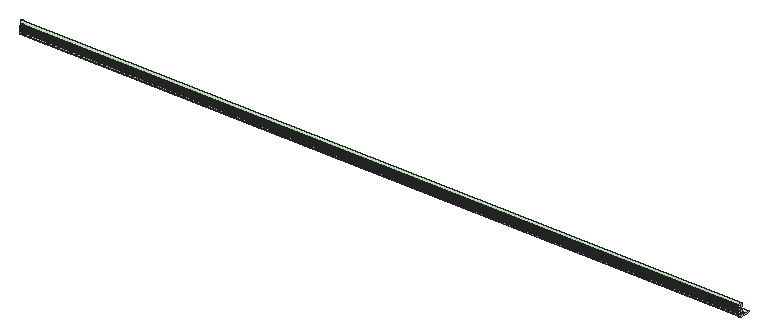
Revit family "power-l_3850", category 機械設備, Revit 2022
Family settings
  丸型コネクタ寸法 = 直径を使用
  種別 = なし
  パーツ タイプ = 標準
  作業面ベース = いいえ
  常に垂直 = はい
  ロード時にボイドで切り取り = いいえ
  注釈の向きを維持 = いいえ
  共有 = いいえ
  部屋計算ポイント = いいえ
Parameters
  製造元 = "株式会社桐井製作所"
  既定の高さ = 0 mm
  URL = "https://www.kirii.co.jp/"
  K_長さ(mm) [instance] = 3000 mm
  K_品名 = "Power L 3850"
  K_名称 = "耐震天井見切り"
  K_バージョン情報 = "20211216"
Reference planes
  plane 1 "中心(正面/背面)": y = 0
  plane 2: z = 0
  plane 3 "中心(左/右)": x = 0
  plane 4: x = 3000
Forms (mm)
  Extrusion 1, solid
    sketch origin (0, 0, 0) x (0, 1, 0) y (0, 0, 1)
      loop
        line (3, 50) -> (0, 40) -> (0, 38.714)
        arc (0, 38.714) -> (0.3, 38) -> (0, 37.286) r 1
        line (0, 37.286) -> (0, 36.486)
        arc (0, 36.486) -> (0.3, 35.772) -> (0, 35.058) r 1
        line (0, 35.058) -> (0, 34.258)
        arc (0, 34.258) -> (0.3, 33.543) -> (0, 32.829) r 1
        line (0, 32.829) -> (0, 32.029)
        arc (0, 32.029) -> (0.3, 31.315) -> (0, 30.601) r 1
        line (0, 30.601) -> (0, 29.801)
        arc (0, 29.801) -> (0.3, 29.087) -> (0, 28.373) r 1
        line (0, 28.373) -> (0, 27.573)
        arc (0, 27.573) -> (0.3, 26.859) -> (0, 26.144) r 1
        line (0, 26.144) -> (0, 25.344)
        arc (0, 25.344) -> (0.3, 24.63) -> (0, 23.916) r 1
        line (0, 23.916) -> (0, 23.116)
        arc (0, 23.116) -> (0.3, 22.402) -> (0, 21.688) r 1
        line (0, 21.688) -> (0, 20.888)
        arc (0, 20.888) -> (0.3, 20.174) -> (0, 19.46) r 1
        line (0, 19.46) -> (0, 18.66)
        arc (0, 18.66) -> (0.3, 17.945) -> (0, 17.231) r 1
        line (0, 17.231) -> (0, 16.431)
        arc (0, 16.431) -> (0.3, 15.717) -> (0, 15.003) r 1
        line (0, 15.003) -> (0, 14.203)
        arc (0, 14.203) -> (0.3, 13.489) -> (0, 12.775) r 1
        line (0, 12.775) -> (0, 11.975)
        arc (0, 11.975) -> (0.3, 11.261) -> (0, 10.546) r 1
        line (0, 10.546) -> (0, 0.3)
        arc (0, 0.3) -> (0.387, 0.222) -> (0.714, 0) r 1
        line (0.714, 0) -> (1.514, 0)
        arc (1.514, 0) -> (2.228, 0.3) -> (2.942, 0) r 1
        line (2.942, 0) -> (3.742, 0)
        arc (3.742, 0) -> (4.457, 0.3) -> (5.171, 0) r 1
        line (5.171, 0) -> (5.971, 0)
        arc (5.971, 0) -> (6.685, 0.3) -> (7.399, 0) r 1
        line (7.399, 0) -> (8.199, 0)
        arc (8.199, 0) -> (8.913, 0.3) -> (9.627, 0) r 1
        line (9.627, 0) -> (10.427, 0)
        arc (10.427, 0) -> (11.141, 0.3) -> (11.856, 0) r 1
        line (11.856, 0) -> (12.656, 0)
        arc (12.656, 0) -> (13.37, 0.3) -> (14.084, 0) r 1
        line (14.084, 0) -> (14.884, 0)
        arc (14.884, 0) -> (15.598, 0.3) -> (16.312, 0) r 1
        line (16.312, 0) -> (17.112, 0)
        arc (17.112, 0) -> (17.826, 0.3) -> (18.54, 0) r 1
        line (18.54, 0) -> (19.34, 0)
        arc (19.34, 0) -> (20.055, 0.3) -> (20.769, 0) r 1
        line (20.769, 0) -> (21.569, 0)
        arc (21.569, 0) -> (22.283, 0.3) -> (22.997, 0) r 1
        line (22.997, 0) -> (23.894, 0)
        arc (23.894, 0) -> (24.608, 0.3) -> (25.322, 0) r 1
        line (25.322, 0) -> (28, 0) -> (38, 3) -> (38, 5) -> (23, 5) -> (23, 3.7) -> (28, 3.7) -> (28, 1.2) -> (5, 1.2) -> (5, 3.7) -> (10, 3.7) -> (10, 5) -> (4, 5) -> (4, 1.2) -> (1.2, 1.2) -> (1.2, 16) -> (5, 16) -> (5, 22) -> (3.7, 22) -> (3.7, 17) -> (1.2, 17) -> (1.048, 29.007) -> (1.2, 40) -> (3.7, 40) -> (3.7, 35) -> (5, 35) -> (5, 50) -> (3, 50)
    from 0 to 3000
Dimensions and locks
  "K_長さ(mm)": plane 4 to plane 3 "中心(左/右)"
  aligned and locked: level to plane 2
  aligned and locked: plane 4 to Extrusion 1
Automatic sketch dimensions
  Extrusion 1 sketch curve to plane 1 "中心(正面/背面)" = 0 mm  (x14)
  Extrusion 1 sketch curve to level = 0 mm  (x13)
  plane 1 "中心(正面/背面)" to Extrusion 1 sketch curve = 0.7 mm  (x13)
  Extrusion 1 sketch curve to plane 1 "中心(正面/背面)" = 0.714 mm
  Extrusion 1 sketch curve to plane 1 "中心(正面/背面)" = 1.048 mm
  Extrusion 1 sketch curve to plane 1 "中心(正面/背面)" = 1.2 mm  (x2)
  Extrusion 1 sketch curve to Extrusion 1 sketch curve = 0 mm  (x3)
  Extrusion 1 sketch curve to Extrusion 1 sketch curve = 0.8 mm  (x22)
  Extrusion 1 sketch curve to level = 0.7 mm  (x12)
  Extrusion 1 sketch curve to Extrusion 1 sketch curve = 0.714 mm  (x24)
  Extrusion 1 sketch curve to plane 1 "中心(正面/背面)" = 3 mm
  Extrusion 1 sketch curve to Extrusion 1 sketch curve = 2.5 mm  (x4)
  Extrusion 1 sketch curve to plane 1 "中心(正面/背面)" = 4 mm
  Extrusion 1 sketch curve to Extrusion 1 sketch curve = 2 mm  (x2)
  Extrusion 1 sketch curve to Extrusion 1 sketch curve = 1 mm  (x2)
  Extrusion 1 sketch curve to Extrusion 1 sketch curve = 1.3 mm  (x2)
  Extrusion 1 sketch curve to Extrusion 1 sketch curve = 0.373 mm
  Extrusion 1 sketch curve to Extrusion 1 sketch curve = 0.003 mm
  Extrusion 1 sketch curve to Extrusion 1 sketch curve = 0.897 mm
  level to Extrusion 1 sketch curve = 1.2 mm  (x2)
  Extrusion 1 sketch curve to Extrusion 1 sketch curve = 2.678 mm
  level to Extrusion 1 sketch curve = 3 mm
  Extrusion 1 sketch curve to Extrusion 1 sketch curve = 10 mm  (x2)
  Extrusion 1 sketch curve to Extrusion 1 sketch curve = 5.546 mm
  Extrusion 1 sketch curve to Extrusion 1 sketch curve = 0.431 mm
  Extrusion 1 sketch curve to Extrusion 1 sketch curve = 0.312 mm
  Extrusion 1 sketch curve to Extrusion 1 sketch curve = 0.634 mm
  Extrusion 1 sketch curve to Extrusion 1 sketch curve = 0.742 mm
  Extrusion 1 sketch curve to Extrusion 1 sketch curve = 1.286 mm
